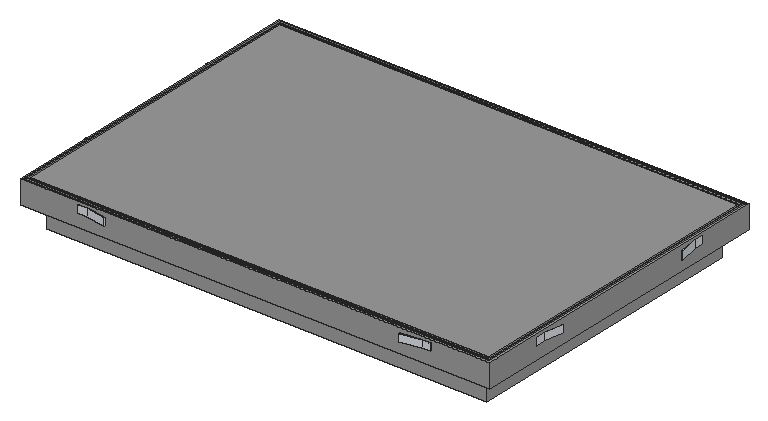
Revit family "WAPT-1000-1500", category Generic Models, host Floor, Revit 2017
Family settings
  Host = Floor
  Can host rebar = No
  Round Connector Dimension = Use Diameter
  Part Type = Normal
  Always vertical = Yes
  Cut with Voids When Loaded = No
  Shared = Yes
  Room Calculation Point = No
Parameters (values of type "WAPT-1000-1500")
  vloerluik = geanodiseerd aluminium
  frame = geanodiseerd aluminium frame
  Weight (kg) = 103
  URL = "https://www.gortergroup.com/nl/producten/vloerluiken/wapt.html"
  Offset [instance] = 0 mm
  Model = "WAPT"
  C = 400 mm
  Bevestiging = "Frame gelaste ankers"
  Belastbaarheid = "7,5 kN/m² volgens NEN-EN1991"
  B = 1000 mm
  A = 1500 mm
Types (6, lengths in mm): name | Weight (kg) | B | A
  (no name) | 103 | 1000 | 1500
  WAPT-600-600 | 24 | 600 | 600
  WAPT-800-800 | 30 | 800 | 800
  WAPT-1000-1000 | 48 | 1000 | 1000
  WAPT-1000-1500 | 103 | 1000 | 1500
  WAPT-1000-2000 | 125 | 1000 | 2000
Reference planes
  plane 1 "Center (Front/Back)": y = 0
  plane 2: z = 0
  plane 3 "Center (Left/Right)": x = 0
  plane 4: y = 500
  plane 5: y = -500
  plane 6: x = -750
  plane 7: x = 750
  plane 8: z = -400
  plane 9: x = -805
  plane 10: y = 555
  plane 11: x = 805
  plane 12: y = -555
  plane 13: x = -782.5
  plane 14: x = 782.5
  plane 15: y = 532.5
  plane 16: y = -532.5
  plane 17: x = -732.5
  plane 18: x = 732.5
  plane 19: x = 755
  plane 20: y = 505
  plane 21: x = -755
  plane 22: y = -505
  plane 23: z = -75
  plane 24: x = 690
  plane 25: x = -690
  plane 26: y = 355
  plane 27: y = -355
  plane 28: x = 605
  plane 29: x = -605
  plane 30: x = 355
  plane 31: x = -355
  plane 32: x = -784.5
  plane 33: x = 784.5
  plane 34: y = -534.5
  plane 35: y = 534.5
  plane 36 "Top": z = 0
  plane 37: z = -25
  plane 38: z = -30
  plane 39: z = -10
  plane 40: y = 463
  plane 41: y = -463
Forms (mm)
  Extrusion 1, void
    sketch origin (0, 0, 0) x (1, 0, 0) y (0, 1, 0)
      loop
        line (-755, 505) -> (-755, -505) -> (755, -505) -> (755, 505) -> (-755, 505)
    from -400 to 0
  Sweep 2, solid, material "geanodiseerd aluminium frame" <- "frame"
    path origin (0, 0, 0) x (-1, 0, 0) y (0, -1, 0)
      loop
        line (750, -500) -> (750, 500) -> (-750, 500) -> (-750, -500) -> (750, -500)
    profile "WAPT_randprofiel : WAG_randprofiel" origin (-750, 0, 0) x (-1, 0, 0) y (0, 0, 1)
      loop
        line (55, -80) -> (55, 0) -> (50, 0) -> (50, -75) -> (5, -75) -> (5, -35) -> (0, -35) -> (0, -160) -> (5, -160) -> (5, -80) -> (55, -80)
  Sweep 3, void
    path origin (0, 0, 0) x (1, 0, 0) y (0, 1, 0)
      loop
        line (-750, 500) -> (-750, -500) -> (750, -500) -> (750, 500) -> (-750, 500)
    profile origin (-750, 0, 0) x (-1, 0, 0) y (0, 0, 1)
      loop
        line (0, 0) -> (0, -130) -> (55, -130) -> (55, 0) -> (0, 0)
  Sweep 4, solid, material "geanodiseerd aluminium frame" <- "frame"
    path origin (0, 0, 0) x (-1, 0, 0) y (0, -1, 0)
      loop
        line (713, -463) -> (713, 463) -> (-713, 463) -> (-713, -463) -> (713, -463)
    profile "WAPT_binnenprofiel : WAG_binnenprofiel" origin (-713, 0, 0) x (-1, 0, 0) y (0, 0, 1)
      loop
        line (0, -80) -> (5, -80) -> (5, -30) -> (82, -30) -> (82, 0) -> (77, 0) -> (77, -25) -> (0, -25) -> (0, -80)
  Extrusion 5, solid, material "geanodiseerd aluminium frame" <- "frame"
    sketch origin (-2542.234, 500, 4000) x (-1, 0, 0) y (0, 0, 1)
      loop
        line (-1829.234, -4025) -> (-3255.234, -4025) -> (-3255.234, -4030) -> (-1829.234, -4030) -> (-1829.234, -4025)
    from -37 to -963
  Extrusion 6, solid, material "geanodiseerd aluminium" <- "vloerluik"
    sketch origin (-2542.234, 500, 4015) x (-1, 0, 0) y (0, 0, 1)
      loop
        line (-1757.734, -4015) -> (-3326.734, -4015) -> (-3326.734, -4040) -> (-1757.734, -4040) -> (-1757.734, -4015)
    from 34.5 to -1034.5
Cuts and joins
  joined: Sweep 4, Extrusion 5
Lines and regions (mm)
  model lines, style "draairichting"
    curve 1: line (-795, 545, 0) -> (0, -545, 0)
    curve 2: line (0, -545, 0) -> (800, 550, 0)
Dimensions and locks
  equal spacing: plane 6, plane 3 "Center (Left/Right)", plane 7
  "A": plane 6 to plane 7
  equal spacing: plane 5, plane 1 "Center (Front/Back)", plane 4
  "B": plane 5 to plane 4
  "C": level to plane 8
  locked: plane 12 to plane 5 at 55
  locked: plane 9 to plane 6 at 55
  locked: plane 7 to plane 11 at 55
  locked: plane 10 to plane 4 at 55
  locked: plane 16 to plane 5 at 32.5
  locked: plane 15 to plane 4 at 32.5
  locked: plane 13 to plane 6 at 32.5
  locked: plane 7 to plane 14 at 32.5
  locked: plane 9 to plane 17 at 72.5
  locked: plane 18 to plane 11 at 72.5
  locked: plane 6 to Sweep 4 sketch curve at 37
  Sweep 4 sketch curve to plane 7 = 37 mm
  locked: plane 12 to plane 22 at 50
  locked: plane 10 to plane 20 at 50
  locked: plane 9 to plane 21 at 50
  locked: plane 19 to plane 11 at 50
  locked: level to plane 23 at 75
  plane 7 to plane 24 = 60 mm
  locked: plane 25 to plane 6 at 60
  plane 10 to plane 26 = 200 mm
  locked: plane 12 to plane 27 at 200
  locked: plane 28 to plane 11 at 200
  locked: plane 9 to plane 29 at 200
  locked: plane 3 "Center (Left/Right)" to plane 30 at 355
  locked: plane 31 to plane 3 "Center (Left/Right)" at 355
  plane 13 to plane 9 = 22.5 mm
  locked: plane 32 to plane 9 at 20.5
  locked: plane 33 to plane 11 at 20.5
  locked: plane 12 to plane 34 at 20.5
  plane 35 to plane 10 = 20.5 mm
  cut or joined group of Sweep 4, Extrusion 5 to Sweep 2 to Sweep 2 = 5 mm, 125 mm
  locked: plane 36 "Top" to plane 37 at 25
  locked: plane 37 to plane 38 at 5
  locked: plane 36 "Top" to plane 39 at 10
  "Offset": plane 36 "Top" to level
  locked: plane 40 to plane 4 at 37
  locked: plane 5 to plane 41 at 37
  aligned and locked: level to plane 2
  aligned and locked: Extrusion 1 to plane 8
  aligned and locked: level to Extrusion 1
  aligned and locked: Sweep 2 sketch curve to plane 4
  aligned and locked: plane 6 to Sweep 2 sketch curve
  aligned and locked: Sweep 2 sketch curve to plane 5
  aligned and locked: Sweep 2 sketch curve to plane 7
  aligned and locked: Sweep 3 sketch curve to plane 9
  aligned and locked: plane 6 to Sweep 3 sketch curve
  aligned and locked: plane 2 to Sweep 3 sketch curve
  aligned and locked: Extrusion 1 sketch curve to plane 19
  aligned and locked: Extrusion 1 sketch curve to plane 20
  aligned and locked: plane 21 to Extrusion 1 sketch curve
  aligned and locked: Extrusion 1 sketch curve to plane 22
  aligned and locked: nested 1 to plane 11
  aligned and locked: nested 1 to plane 26
  aligned and locked: nested 2 to plane 9
  aligned and locked: plane 26 to nested 2
  aligned and locked: plane 27 to nested 3
  aligned and locked: nested 4 to plane 27
  aligned and locked: plane 11 to nested 3
  aligned and locked: plane 11 to nested 1
  aligned and locked: plane 10 to nested 5
  aligned and locked: plane 28 to nested 5
  aligned and locked: nested 6 to plane 10
  aligned and locked: nested 6 to plane 29
  aligned and locked: plane 12 to nested 7
  aligned and locked: nested 8 to plane 12
  aligned and locked: plane 29 to nested 8
  aligned and locked: nested 7 to plane 28
  aligned and locked: plane 9 to nested 4
  aligned and locked: cut or joined group of Sweep 4, Extrusion 5 to Extrusion 5 sketch curve
  aligned and locked: Extrusion 5 sketch curve to cut or joined group of Sweep 4, Extrusion 5
  aligned and locked: Extrusion 6 to plane 32
  aligned and locked: Extrusion 6 to plane 33
  aligned and locked: plane 34 to Extrusion 6
  aligned and locked: plane 35 to Extrusion 6
  aligned and locked: cut or joined group of Sweep 4, Extrusion 5 to plane 37
  aligned and locked: cut or joined group of Sweep 4, Extrusion 5 to plane 38
  aligned and locked: Extrusion 6 to plane 36 "Top"
  aligned and locked: Extrusion 6 to plane 37
  aligned and locked: nested 3 to plane 39
  aligned and locked: plane 39 to nested 1
  aligned and locked: plane 39 to nested 5
  aligned and locked: nested 6 to plane 39
  aligned and locked: nested 4 to plane 39
  aligned and locked: plane 39 to nested 2
  aligned and locked: nested 8 to plane 39
  aligned and locked: nested 7 to plane 39
  aligned and locked: cut or joined group of Sweep 4, Extrusion 5 to plane 40
  aligned and locked: plane 41 to cut or joined group of Sweep 4, Extrusion 5
  aligned and locked: plane 3 "Center (Left/Right)" to curve 1
Automatic sketch dimensions
  plane 5 to Sweep 3 sketch curve = 0 mm
  Sweep 3 sketch curve to plane 6 = 0 mm
  Sweep 3 sketch curve to plane 7 = 0 mm
  Sweep 3 sketch curve to plane 4 = 0 mm
  Sweep 3 sketch curve to level = 130 mm
  Extrusion 6 sketch curve to plane 18 = 52 mm
  Extrusion 6 sketch curve to plane 17 = 52 mm
  Extrusion 6 sketch curve to level = 25 mm
  Extrusion 6 sketch curve to Extrusion 6 sketch curve = 25 mm
  curve 1 to Extrusion 6 = 10.5 mm  (x3)
  curve 2 to Extrusion 6 = 15.5 mm  (x2)
  Sweep 4 sketch curve to plane 4 = 37 mm
  Sweep 4 sketch curve to plane 5 = 37 mm
  Extrusion 5 sketch curve to plane 23 = 50 mm
  Extrusion 5 sketch curve to Extrusion 5 sketch curve = 5 mm
Nested families
  nested 1: "WAG_klemstrip" at (805, 355, -35), type "WAG_klemstrip"
  nested 2: "WAG_klemstrip" at (-805, 355, -35) x (-1, 0, 0) z (0, 0, 1), type "WAG_klemstrip"
  nested 3: "WAG_klemstrip" at (805, -355, -35), type "WAG_klemstrip"
  nested 4: "WAG_klemstrip" at (-805, -355, -35) x (-1, 0, 0) z (0, 0, 1), type "WAG_klemstrip"
  nested 5: "WAG_klemstrip" at (605, 555, -35) x (0, 1, 0) z (0, 0, 1), type "WAG_klemstrip"
  nested 6: "WAG_klemstrip" at (-605, 555, -35) x (0, 1, 0) z (0, 0, 1), type "WAG_klemstrip"
  nested 7: "WAG_klemstrip" at (605, -555, -35) x (0, -1, 0) z (0, 0, 1), type "WAG_klemstrip"
  nested 8: "WAG_klemstrip" at (-605, -555, -35) x (0, -1, 0) z (0, 0, 1), type "WAG_klemstrip"
Definition of nested family "WAG_klemstrip"
  Reference planes
    plane 1 "Center (Front/Back)": y = 0
    plane 2: z = 0
    plane 3 "Center (Left/Right)": x = 0
    plane 4: z = 25
  Forms (mm)
    Extrusion 1, solid
      sketch origin (0, 0, 0) x (1, 0, 0) y (0, 1, 0)
        loop
          line (0, 0) -> (2, 0) -> (2, 29.825) -> (14.125, 98.589) -> (12.155, 98.937) -> (0, 30) -> (0, 0)
      from 0 to 25
  Dimensions and locks
    locked: plane 4 to level at 25
    aligned and locked: level to plane 2
    aligned and locked: plane 4 to Extrusion 1
